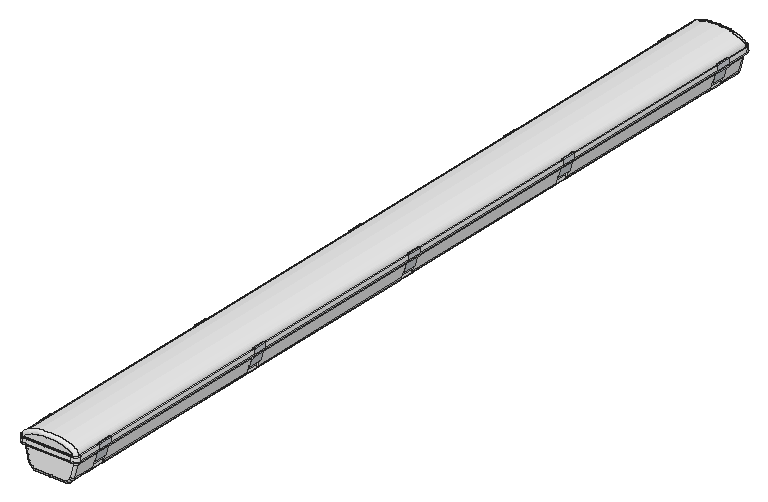
Revit family "0048757", category Lighting Fixtures, host Face, Revit 2017
Family settings
  Host = Face
  Round Connector Dimension = Use Diameter
  Part Type = Normal
  OmniClass Number = 23.80.70.11.14
  OmniClass Title = General Luminaries, Directional
  Cut with Voids When Loaded = Yes
  Light Source = Yes
  Shared = No
  Room Calculation Point = No
Parameters (values of type "0048757 SYLPROOF SUPERIA LED G3 1500mm T 4K QC SSH01")
  Width = 110 mm
  Weight = "2.46 kg"
  Wattage Comments = "n/a"
  Wattage = 49 W
  WarrantyStartDate [instance] = "n/a"
  WarrantyGuarantorParts = "n/a"
  WarrantyDurationUnit = "n/a"
  WarrantyDurationParts = "n/a"
  WarrantyDescription = "n/a"
  built-in parameter 1150110 = 1 (stored number, unit not read)
  Voltage = 230 V
  URL = "http://www.sylvania-lighting.com"
  TypeName = "SYLPROOF SUPERIA LED G3 1500mm T 4K QC SSH01"
  Type Image = <None>
  Type Comments = "n/a"
  built-in parameter 1114217 = 1 (stored number, unit not read)
  Tilt Angle = -90.00°
  built-in parameter 1150109 = 1 (stored number, unit not read)
  built-in parameter 1150134 = 12
  built-in parameter 1150113 = 1 (stored number, unit not read)
  SerialNumber [instance] = "n/a"
  ReflectorMaterial = none
  PowerFactor = 0
  PowerConsumption = "49 W"
  Photometric Web File = "0048757.ies"
  NominalWidth = 0 mm
  NominalLength = 1578 mm
  NominalHeight = 78 mm
  Name = "SYLPROOF SUPERIA LED G3 1500mm T 4K QC SSH01"
  ModelReference = "SYLPROOF SUPERIA LED G3 1500mm T 4K QC SSH01"
  ModelNumber = "0048757"
  Model = "SYLPROOF SUPERIA LED G3 1500mm T 4K QC SSH01"
  Material = "polycarbonate housing, polycarbonate diffuser"
  ManufacturerName = "Feilo Sylvania"
  Manufacturer = "Feilo Sylvania"
  LuminousEfficacy = "138 lm/W"
  built-in parameter 1150105 = 538.1 (stored number, unit not read)
  Lumens = 6762 lm
  LuminaireType = "Weatherproof"
  built-in parameter 1150115 = 1 (stored number, unit not read)
  LightOutputRatio = "n/a"
  built-in parameter 1150137 = (empty or 0)
  built-in parameter 1150139 = (empty or 0)
  Length = 1572 mm
  LampsType = Lamp  # "LED"
  LampNominalLuminous = "6800 lm"
  LampMacAdamStep = "3"
  LampColourTemperature = "4000 K"
  LampColourRenderingIndex = "80"
  built-in parameter 1150112 = 1 (stored number, unit not read)
  built-in parameter 1150114 = 1 (stored number, unit not read)
  Lamp = "LED"
  Keynote = "16500"
  InstallationDate [instance] = "n/a"
  InputVoltage = "220-240V~"
  InputNominalFrequency = "50/60 Hz"
  built-in parameter 1150132 = (empty or 0)
  built-in parameter 1150102 = (empty or 0)
  built-in parameter 1150107 = 4000 (stored number, unit not read)
  built-in parameter 1150138 = (empty or 0)
  IngressProtection = "IP65"
  ImpactProtectionIndex = "IK08"
  built-in parameter 1150106 = 5.381 (stored number, unit not read)
  IfcExportType = "IfcLightFixtureType"
  IfcExportAs = "IfcLightFixtureType"
  ExpectedLife = 50000
  Emit from Rectangle Width = Width - 20 mm  # 90 mm
  Emit from Rectangle Length = Length - 20 mm  # 1552 mm
  Emit Shape Visible in Rendering = no
  ElectricShockClassification = "Class I"
  built-in parameter 1150104 = 12.821 (stored number, unit not read)
  DurationUnit = "hours"
  DocumentationLiterature = "http://www.sylvania-lighting.com/product/en-int/products/0048757"
  DimmingControlOptions = "Non dimmable"
  Dimming Lamp Color Temperature Shift = <None>
  DiffuserMaterial = Diffuser-Sylvania-Transparent
  Description = ""
  Default Elevation = 1219.2 mm
  CreatedOn = "11/9/2017"
  CreatedBy = ""
  Cost = 0
  Color Filter = 16777215
  built-in parameter 1114216 [instance] = (empty or 0)
  ClassificationValue = "EF_70_80"
  ClassificationName = "Uniclass2015"
  BodyMaterial = Body-Sylvania-Gray
  BarCode [instance] = "n/a"
  built-in parameter 1114218 = 1 (stored number, unit not read)
  built-in parameter 1150133 = 10 (stored number, unit not read)
  AssetType = "Fixed"
  AssetIdentifier [instance] = "n/a"
  Assembly Code = "D5020200"
  Apparent Load = 49 VA
  AccessoryMaterial = Diffuser-Sylvania-Glow
Reference planes
  plane 1 "Center (Front/Back)": y = 0
  plane 2: z = 0
  plane 3 "Center (Left/Right)": x = 0
  plane 4: z = 54
  plane 5: x = -27.7
  plane 6: x = -34.8
  plane 7: x = -39.6
  plane 8: x = -42.2
  plane 9: z = 3
  plane 10: z = 7.8
  plane 11: z = 12.3
  plane 12: z = 36.6
  plane 13: z = 42.8
  plane 14: x = -51.1
  plane 15: z = 46.2
  plane 16: x = -55
  plane 17: y = 786
  plane 18: y = -786
  plane 19: x = 27.7
  plane 20: x = 34.8
  plane 21: x = 39.6
  plane 22: x = 42.2
  plane 23: x = 51.1
  plane 24: x = 55
  plane 25: y = 778.4
  plane 26: y = -778.4
  plane 27: y = -774.7
  plane 28: y = 774.7
  plane 29: z = 74
  plane 30: x = -51.5
  plane 31: x = 51.5
  plane 32: z = 55.2
  plane 33: y = -782.5
  plane 34: y = 782.5
  plane 35: x = -37.5
  plane 36: x = 37.5
  plane 37: x = -48.7
  plane 38: x = 48.7
  plane 39: x = 18
  plane 40: x = -18
  plane 41: z = 50.2
  plane 42: z = 24.6
  plane 43: y = 720
  plane 44: y = 706
  plane 45: y = 734
  plane 46: y = -720
  plane 47: y = 720
  plane 48: y = 706
  plane 49: y = 734
  plane 50: y = -720
  plane 51: y = -734
  plane 52: y = -706
  plane 53: y = 360
  plane 54: y = 346
  plane 55: y = 374
  plane 56: y = 0
  plane 57: y = -14
  plane 58: y = 14
  plane 59: y = -360
  plane 60: y = -374
  plane 61: y = -346
Forms (mm)
  Sweep 1, solid, material "Body-Sylvania-Gray" <- "BodyMaterial", detail levels medium+fine
    path origin (1223.4, -4572, 54) x (0, -1, 0) y (1, 0, 0)
      loop
        arc (-3796, -1278.4) -> (-3788.929, -1275.471) -> (-3786, -1268.4) r 10
        line (-3786, -1268.4) -> (-3786, -1178.4)
        arc (-3786, -1178.4) -> (-3788.929, -1171.329) -> (-3796, -1168.4) r 10
        line (-3796, -1168.4) -> (-5348, -1168.4)
        arc (-5348, -1168.4) -> (-5355.071, -1171.329) -> (-5358, -1178.4) r 10
        line (-5358, -1178.4) -> (-5358, -1268.4)
        arc (-5358, -1268.4) -> (-5355.071, -1275.471) -> (-5348, -1278.4) r 10
        line (-5348, -1278.4) -> (-3796, -1278.4)
    profile origin (-55, 0, 54) x (-1, 0, 0) y (0, 0, 1)
      loop
        line (0, 0) -> (-1, 0) -> (-1, -7.726)
        arc (-1, -7.726) -> (-1.994, -9.498) -> (-3.9, -10.2) r 2.937
        line (-3.9, -10.2) -> (-8.571, -10.2) -> (-8.571, -11.2) -> (-3.9, -11.2)
        arc (-3.9, -11.2) -> (-1.313, -10.231) -> (0, -7.8) r 3.937
        line (0, -7.8) -> (0, 0)
  Sweep 2, solid, material "Body-Sylvania-Gray" <- "BodyMaterial", detail levels medium+fine
    path origin (0, 0, 0) x (1, 0, 0) y (0, 0, 1)
      loop
        line (48.7, 42.8) -> (48.7, 36.6) -> (42.203, 12.31)
        arc (42.203, 12.31) -> (41.199, 9.884) -> (39.6, 7.8) r 10.052
        line (39.6, 7.8) -> (34.8, 3)
        arc (34.8, 3) -> (31.554, 0.781) -> (27.7, 0) r 9.902
        line (27.7, 0) -> (0, 0) -> (-27.7, 0)
        arc (-27.7, 0) -> (-31.554, 0.781) -> (-34.8, 3) r 9.902
        line (-34.8, 3) -> (-39.6, 7.8)
        arc (-39.6, 7.8) -> (-41.199, 9.884) -> (-42.203, 12.31) r 10.052
        line (-42.203, 12.31) -> (-48.7, 36.6) -> (-48.7, 42.8)
    profile origin (0, 0, 0) x (0, 0, -1) y (0, -1, 0)
      loop
        arc (0, 773.4) -> (-1.464, 776.936) -> (-5, 778.4) r 5
        line (-5, 778.4) -> (-7.8, 778.4) -> (-7.8, -778.4) -> (-5, -778.4)
        arc (-5, -778.4) -> (-1.464, -776.936) -> (0, -773.4) r 5
        line (0, -773.4) -> (0, 773.4)
  Extrusion 3, solid, material "Body-Sylvania-Gray" <- "BodyMaterial", detail levels medium+fine
    sketch origin (1524, 778.4, 1219.2) x (1, 0, 0) y (0, 0, 1)
      loop
        arc (-1558.668, -1204.874) -> (-1558.443, -1205.418) -> (-1558.085, -1205.885) r 2.252
        line (-1558.085, -1205.885) -> (-1553.231, -1210.738)
        arc (-1553.231, -1210.738) -> (-1552.534, -1211.227) -> (-1551.7, -1211.4) r 2.102
        line (-1551.7, -1211.4) -> (-1496.3, -1211.4)
        arc (-1496.3, -1211.4) -> (-1495.466, -1211.227) -> (-1494.769, -1210.738) r 2.102
        line (-1494.769, -1210.738) -> (-1489.915, -1205.885)
        arc (-1489.915, -1205.885) -> (-1489.557, -1205.418) -> (-1489.332, -1204.874) r 2.252
        line (-1489.332, -1204.874) -> (-1483.1, -1181.575) -> (-1483.1, -1176.4) -> (-1564.9, -1176.4) -> (-1564.9, -1181.575) -> (-1558.668, -1204.874)
    from 0 to 1556.8
  Sweep 4, solid, material "Diffuser-Sylvania-Transparent" <- "DiffuserMaterial", detail levels medium+fine
    path origin (0, 0, 0) x (1, 0, 0) y (0, 0, 1)
      loop
        spline (-51.5, 55.2) -> (-49.745, 60.066) -> (-44.6, 64.6) -> (-36.416, 68.494) -> (-25.75, 71.481) -> (-13.329, 73.359) -> (0, 74) -> (13.329, 73.359) -> (25.75, 71.481) -> (36.416, 68.494) -> (44.6, 64.6) -> (49.745, 60.066) -> (51.5, 55.2)
    profile origin (51.5, 0, 55.2) x (0, -1, 0) y (1, 0, 0)
      loop
        arc (782.5, -5.5) -> (780.889, -1.611) -> (777, 0) r 5.5
        line (777, 0) -> (-777, 0)
        arc (-777, 0) -> (-780.889, -1.611) -> (-782.5, -5.5) r 5.5
        line (-782.5, -5.5) -> (-782.5, -6.3) -> (-781.5, -6.3) -> (-781.5, -5.5)
        arc (-781.5, -5.5) -> (-780.182, -2.318) -> (-777, -1) r 4.5
        line (-777, -1) -> (777, -1)
        arc (777, -1) -> (780.182, -2.318) -> (781.5, -5.5) r 4.5
        line (781.5, -5.5) -> (781.5, -6.347) -> (782.5, -6.347) -> (782.5, -5.5)
  Extrusion 5, solid, material "Diffuser-Sylvania-Transparent" <- "DiffuserMaterial", detail levels medium+fine
    sketch origin (1524, -782.5, 1219.2) x (1, 0, 0) y (0, 0, 1)
      loop
        line (-1569.653, -1164) -> (-1478.347, -1164)
        spline (-1478.347, -1164) -> (-1478.969, -1162.594) -> (-1482.527, -1159.545) -> (-1489.588, -1156.201) -> (-1499.458, -1153.445) -> (-1511.242, -1151.663) -> (-1524, -1151.049) -> (-1536.758, -1151.663) -> (-1548.542, -1153.445) -> (-1558.412, -1156.201) -> (-1565.473, -1159.545) -> (-1569.031, -1162.594) -> (-1569.653, -1164)
    from 0 to -1
  Extrusion 6, solid, material "Diffuser-Sylvania-Transparent" <- "DiffuserMaterial", detail levels medium+fine
    sketch origin (1524, 782.5, 1219.2) x (1, 0, 0) y (0, 0, 1)
      loop
        spline (-1478.3, -1164) -> (-1478.931, -1162.565) -> (-1482.502, -1159.505) -> (-1489.572, -1156.155) -> (-1499.446, -1153.394) -> (-1511.236, -1151.614) -> (-1524, -1151.007) -> (-1536.764, -1151.614) -> (-1548.554, -1153.394) -> (-1558.428, -1156.155) -> (-1565.498, -1159.505) -> (-1569.069, -1162.565) -> (-1569.7, -1164)
        line (-1569.7, -1164) -> (-1478.3, -1164)
    from 0 to 1
  Extrusion 7, solid, material "Diffuser-Sylvania-Transparent" <- "DiffuserMaterial", detail levels medium+fine
    sketch origin (1223.4, -4572, 55.2) x (0, -1, 0) y (-1, 0, 0)
      loop
        arc (-5353.5, 1177.4) -> (-5352.182, 1174.218) -> (-5349, 1172.9) r 4.5
        line (-5349, 1172.9) -> (-3795, 1172.9)
        arc (-3795, 1172.9) -> (-3791.818, 1174.218) -> (-3790.5, 1177.4) r 4.5
        line (-3790.5, 1177.4) -> (-3790.5, 1269.4)
        arc (-3790.5, 1269.4) -> (-3791.818, 1272.582) -> (-3795, 1273.9) r 4.5
        line (-3795, 1273.9) -> (-5349, 1273.9)
        arc (-5349, 1273.9) -> (-5352.182, 1272.582) -> (-5353.5, 1269.4) r 4.5
        line (-5353.5, 1269.4) -> (-5353.5, 1177.4)
      loop
        line (-5358, 1268.4) -> (-5358, 1178.4)
        arc (-5358, 1178.4) -> (-5355.071, 1171.329) -> (-5348, 1168.4) r 10
        line (-5348, 1168.4) -> (-3796, 1168.4)
        arc (-3796, 1168.4) -> (-3788.929, 1171.329) -> (-3786, 1178.4) r 10
        line (-3786, 1178.4) -> (-3786, 1268.4)
        arc (-3786, 1268.4) -> (-3788.929, 1275.471) -> (-3796, 1278.4) r 10
        line (-3796, 1278.4) -> (-5348, 1278.4)
        arc (-5348, 1278.4) -> (-5355.071, 1275.471) -> (-5358, 1268.4) r 10
    from 0 to 1.2
  Extrusion 8, solid, material "Diffuser-Sylvania-Glow" <- "AccessoryMaterial", detail levels fine
    sketch origin (0, 0, 0) x (1, 0, 0) y (0, 0, 1)
      loop
        circle (-18, 50.2) r 8
      loop
        circle (18, 50.2) r 8
    from -774.7 to 774.7
  Extrusion 9, void
    sketch origin (0, 720, 2343.807) x (0, 0, -1) y (-1, 0, 0)
      loop
        line (2340.807, -37.5) -> (2331.507, -37.5) -> (2319.207, -42.2) -> (2319.207, -48.7) -> (2340.807, -48.7) -> (2340.807, -37.5)
      loop
        line (2340.807, 37.5) -> (2340.807, 48.7) -> (2319.207, 48.7) -> (2319.207, 42.2) -> (2331.507, 37.5) -> (2340.807, 37.5)
    from -14 to 14
  Extrusion 10, solid, material "Body-Sylvania-Gray" <- "BodyMaterial", detail levels coarse
    sketch origin (0, 0, 0) x (1, 0, 0) y (0, 0, 1)
      loop
        line (55, 42.8) -> (55, 55.2) -> (-55, 55.2) -> (-55, 42.791) -> (-42.2, 0) -> (42.2, 0) -> (55, 42.8)
    from -786 to 786
  Extrusion 11, solid, material "Diffuser-Sylvania-Transparent" <- "DiffuserMaterial", detail levels coarse
    sketch origin (0, 0, 0) x (1, 0, 0) y (0, 0, 1)
      loop
        arc (51.5, 55.2) -> (0, 74) -> (-51.5, 55.2) r 79.939
        line (-51.5, 55.2) -> (51.5, 55.2)
    from 778.4 to -778.4
  Extrusion 12, void, not visible
    sketch origin (0, 720, 2343.807) x (0, 0, -1) y (-1, 0, 0)
      loop
        line (2340.807, -37.5) -> (2331.507, -37.5) -> (2319.207, -42.2) -> (2319.207, -48.7) -> (2340.807, -48.7) -> (2340.807, -37.5)
      loop
        line (2340.807, 37.5) -> (2340.807, 48.7) -> (2319.207, 48.7) -> (2319.207, 42.2) -> (2331.507, 37.5) -> (2340.807, 37.5)
    from -14 to 14
  Extrusion 13, void
    sketch origin (0, -720, 2343.807) x (0, 0, -1) y (-1, 0, 0)
      loop
        line (2340.807, -37.5) -> (2331.507, -37.5) -> (2319.207, -42.2) -> (2319.207, -48.7) -> (2340.807, -48.7) -> (2340.807, -37.5)
      loop
        line (2340.807, 37.5) -> (2340.807, 48.7) -> (2319.207, 48.7) -> (2319.207, 42.2) -> (2331.507, 37.5) -> (2340.807, 37.5)
    from -14 to 14
  Extrusion 14, void
    sketch origin (0, 360, 2343.807) x (0, 0, -1) y (-1, 0, 0)
      loop
        line (2340.807, -37.5) -> (2331.507, -37.5) -> (2319.207, -42.2) -> (2319.207, -48.7) -> (2340.807, -48.7) -> (2340.807, -37.5)
      loop
        line (2340.807, 37.5) -> (2340.807, 48.7) -> (2319.207, 48.7) -> (2319.207, 42.2) -> (2331.507, 37.5) -> (2340.807, 37.5)
    from -14 to 14
  Extrusion 15, void
    sketch origin (0, 0, 2343.807) x (0, 0, -1) y (-1, 0, 0)
      loop
        line (2340.807, -37.5) -> (2331.507, -37.5) -> (2319.207, -42.2) -> (2319.207, -48.7) -> (2340.807, -48.7) -> (2340.807, -37.5)
      loop
        line (2340.807, 37.5) -> (2340.807, 48.7) -> (2319.207, 48.7) -> (2319.207, 42.2) -> (2331.507, 37.5) -> (2340.807, 37.5)
    from -14 to 14
  Extrusion 16, void
    sketch origin (0, -360, 2343.807) x (0, 0, -1) y (-1, 0, 0)
      loop
        line (2340.807, -37.5) -> (2331.507, -37.5) -> (2319.207, -42.2) -> (2319.207, -48.7) -> (2340.807, -48.7) -> (2340.807, -37.5)
      loop
        line (2340.807, 37.5) -> (2340.807, 48.7) -> (2319.207, 48.7) -> (2319.207, 42.2) -> (2331.507, 37.5) -> (2340.807, 37.5)
    from -14 to 14
Cuts and joins
  Extrusion 9, Extrusion 13, Extrusion 14, Extrusion 15, Extrusion 16 cuts Sweep 2
  Extrusion 13, Extrusion 14, Extrusion 15, Extrusion 16 cuts Extrusion 3
  joined: Sweep 2, Extrusion 3
  joined: Sweep 4, Extrusion 5, Extrusion 6
Dimensions and locks
  locked: plane 4 to plane 2 at 54
  plane 5 to plane 6 to plane 7 to plane 8 to plane 14 to plane 16 = 7.1 mm locked, 4.8 mm locked, 2.6 mm locked, 8.9 mm, 3.9 mm
  plane 4 to plane 15 to plane 13 to plane 12 to plane 11 to plane 10 to plane 9 = 7.8 mm locked, 3.4 mm, 6.2 mm locked, 24.3 mm locked, 4.5 mm locked, 4.8 mm locked
  equal spacing: plane 18, plane 1 "Center (Front/Back)", plane 17
  "Length": plane 18 to plane 17
  plane 19 to plane 20 to plane 21 to plane 22 to plane 23 to plane 24 = 7.1 mm locked, 4.8 mm locked, 2.6 mm locked, 8.9 mm, 3.9 mm
  equal spacing: plane 24, plane 3 "Center (Left/Right)", plane 16
  "Width": plane 24 to plane 16
  equal spacing: plane 27, plane 1 "Center (Front/Back)", plane 28
  locked: plane 26 to plane 27 at 3.7
  locked: Sweep 1 sketch curve to profile plane at 1
  locked: Sweep 1 sketch curve to plane 13 at 1
  locked: Sweep 1 sketch curve to plane 13 at 3.937  (x2)
  locked: Sweep 1 sketch curve to profile plane at 3.9  (x2)
  locked: plane 29 to plane 4 at 20
  equal spacing: plane 31, plane 3 "Center (Left/Right)", plane 30
  locked: plane 30 to plane 16 at 3.5
  locked: plane 32 to plane 4 at 1.2
  equal spacing: plane 33, plane 1 "Center (Front/Back)", plane 34
  equal spacing: plane 36, plane 3 "Center (Left/Right)", plane 35
  locked: plane 3 "Center (Left/Right)" to plane 35 at 37.5
  locked: plane 34 to plane 17 at 3.5
  equal spacing: plane 38, plane 3 "Center (Left/Right)", plane 37
  locked: plane 37 to plane 16 at 6.3
  equal spacing: plane 25, plane 1 "Center (Front/Back)", plane 26
  locked: plane 17 to plane 25 at 7.6
  locked: Sweep 2 sketch curve to plane 2 at 5  (x2)
  locked: Sweep 2 sketch curve to plane 26 at 5
  locked: plane 25 to Sweep 2 sketch curve at 5
  locked: Sweep 4 sketch curve to plane 31 at 5.5  (x2)
  locked: Sweep 4 sketch curve to plane 34 at 5.5
  plane 33 to Sweep 4 sketch curve = 5.5 mm
  locked: plane 34 to Sweep 4 sketch curve at 1
  locked: Sweep 4 sketch curve to plane 31 at 1
  locked: Sweep 4 sketch curve to Sweep 4 sketch curve at 1
  locked: Sweep 4 sketch curve to plane 31 at 6.347
  locked: Sweep 4 sketch curve to plane 31 at 6.3
  equal spacing: plane 39, plane 3 "Center (Left/Right)", plane 40
  locked: plane 3 "Center (Left/Right)" to plane 40 at 18
  locked: plane 42 to plane 2 at 24.6
  plane 45 to plane 43 to plane 44 = 14 mm locked, 14 mm locked
  locked: plane 17 to plane 43 at 66
  equal spacing: plane 43, plane 1 "Center (Front/Back)", plane 46
  plane 49 to plane 47 to plane 48 = 14 mm locked, 14 mm locked
  plane 52 to plane 50 to plane 51 = 14 mm locked, 14 mm locked  (x2)
  equal spacing: group 1, group 6, group 7, group 8, group 5  (x2)
  equal spacing: group 5, group 8, group 7, group 6, group 1
  plane 55 to plane 53 to plane 54 = 14 mm locked, 14 mm locked  (x2)
  plane 58 to plane 56 to plane 57 = 14 mm locked, 14 mm locked  (x2)
  plane 61 to plane 59 to plane 60 = 14 mm locked, 14 mm locked  (x2)
  plane 43 to plane 53 to plane 1 "Center (Front/Back)" to plane 59 to plane 50 = 360 mm locked, 360 mm locked, 360 mm locked, 360 mm locked
  aligned and locked: plane 2 to host face
  aligned and locked: level to host face
  aligned and locked: plane 16 to Sweep 1 sketch curve
  aligned and locked: Sweep 1 sketch curve to plane 24
  aligned and locked: plane 18 to Sweep 1 sketch curve
  aligned and locked: Sweep 1 sketch curve to plane 13
  aligned and locked: profile plane to Sweep 1 sketch curve
  aligned and locked: plane 3 "Center (Left/Right)" to Sweep 2 sketch curve
  aligned and locked: plane 9 to Sweep 2 sketch curve
  aligned and locked: plane 10 to Sweep 2 sketch curve
  aligned and locked: plane 37 to Sweep 2 sketch curve
  aligned and locked: plane 12 to Sweep 2 sketch curve
  aligned and locked: Sweep 2 sketch curve to level
  aligned and locked: plane 21 to Sweep 2 sketch curve
  aligned and locked: plane 38 to Sweep 2 sketch curve
  aligned and locked: profile plane to Sweep 2 sketch curve
  aligned and locked: plane 25 to Sweep 2 sketch curve
  aligned and locked: Sweep 2 sketch curve to plane 10
  aligned and locked: Extrusion 3 sketch curve to Sweep 2  (x7)
  aligned and locked: Sweep 2 to Extrusion 3 sketch curve
  aligned and locked: Extrusion 3 to plane 25
  aligned and locked: plane 26 to Extrusion 3
  aligned and locked: plane 32 to Sweep 4 sketch curve
  aligned and locked: plane 33 to Sweep 4 sketch curve
  aligned and locked: Sweep 4 to Extrusion 5
  aligned and locked: plane 33 to Extrusion 5
  aligned and locked: Extrusion 5 sketch curve to Sweep 4
  aligned and locked: cut or joined group of Sweep 4, Extrusion 5, Extrusion 6 to Extrusion 6 sketch curve
  aligned and locked: Extrusion 7 sketch curve to cut or joined group of Sweep 4, Extrusion 5, Extrusion 6  (x2)
  aligned and locked: cut or joined group of Sweep 4, Extrusion 5, Extrusion 6 to Extrusion 7 sketch curve  (x2)
  aligned and locked: plane 41 to Extrusion 8 sketch curve  (x2)
  aligned and locked: plane 39 to Extrusion 8 sketch curve
  aligned and locked: plane 27 to Extrusion 8
  aligned and locked: Extrusion 8 to plane 28
  aligned and locked: Extrusion 9 to plane 42
  aligned and locked: plane 9 to Extrusion 9
  aligned and locked: plane 44 to Extrusion 9
  aligned and locked: Extrusion 9 to plane 45
  aligned and locked: Extrusion 7 sketch curve to Sweep 1  (x4)
  aligned and locked: plane 4 to Extrusion 7
  aligned and locked: Extrusion 7 to plane 32
  aligned and locked: nested 2 to plane 43
  aligned and locked: plane 43 to nested 1
  aligned and locked: Extrusion 10 sketch curve to plane 24
  aligned and locked: Extrusion 10 sketch curve to Extrusion 7
  aligned and locked: plane 8 to Extrusion 10 sketch curve
  aligned and locked: plane 22 to Extrusion 10 sketch curve
  aligned and locked: level to Extrusion 10 sketch curve
  aligned and locked: Extrusion 10 to plane 17
  aligned and locked: plane 18 to Extrusion 10
  aligned and locked: cut or joined group of Sweep 4, Extrusion 5, Extrusion 6 to Extrusion 11 sketch curve
  aligned and locked: Extrusion 11 sketch curve to cut or joined group of Sweep 4, Extrusion 5, Extrusion 6  (x2)
  aligned and locked: plane 31 to Extrusion 11 sketch curve
  aligned and locked: plane 30 to Extrusion 11 sketch curve
  aligned and locked: plane 26 to Extrusion 11
  aligned and locked: Extrusion 11 to plane 25
  aligned and locked: imposter light to plane 29
  aligned and locked: plane 3 "Center (Left/Right)" to imposter light
  aligned and locked: plane 1 "Center (Front/Back)" to imposter light
  aligned and locked: plane 51 to Extrusion 13
  aligned and locked: Extrusion 13 to plane 52
  aligned and locked: plane 54 to Extrusion 14
  aligned and locked: Extrusion 14 to plane 55
  aligned and locked: plane 57 to Extrusion 15
  aligned and locked: Extrusion 15 to plane 58
  aligned and locked: plane 60 to Extrusion 16
  aligned and locked: Extrusion 16 to plane 61
  aligned and locked: nested 3 to plane 53
  aligned and locked: plane 53 to nested 10
  aligned and locked: nested 4 to plane 56
  aligned and locked: plane 56 to nested 9
  aligned and locked: nested 5 to plane 59
  aligned and locked: plane 59 to nested 8
  aligned and locked: nested 6 to plane 50
  aligned and locked: plane 50 to nested 7
Automatic sketch dimensions
  host sketch curve to host sketch curve = 2438.4 mm  (x2)
  plane 17 to Sweep 1 sketch curve = 0 mm
  Sweep 1 sketch curve to plane 28 = 1.3 mm
  Sweep 1 sketch curve to plane 7 = 5.4 mm
  plane 27 to Sweep 1 sketch curve = 1.3 mm  (x2)
  Sweep 1 sketch curve to Sweep 1 sketch curve = 4.671 mm
  Sweep 1 sketch curve to plane 4 = 0 mm
  Sweep 2 sketch curve to plane 7 = 0 mm
  Sweep 2 sketch curve to plane 6 = 0 mm
  Sweep 2 sketch curve to plane 5 = 0 mm
  plane 19 to Sweep 2 sketch curve = 0 mm
  Sweep 2 sketch curve to plane 9 = 0 mm
  plane 20 to Sweep 2 sketch curve = 0 mm
  Sweep 2 sketch curve to plane 12 = 0 mm
  Sweep 2 sketch curve to plane 10 = 0 mm
  Sweep 2 sketch curve to plane 13 = 0 mm  (x2)
  Sweep 2 sketch curve to plane 8 = 0.003 mm
  plane 6 to Sweep 2 sketch curve = 2.308 mm
  plane 20 to Sweep 2 sketch curve = 2.308 mm
  Sweep 2 sketch curve to plane 22 = 0.003 mm
  Sweep 2 sketch curve to plane 11 = 0.01 mm  (x2)
  Extrusion 3 sketch curve to plane 5 = 0 mm
  plane 19 to Extrusion 3 sketch curve = 0 mm
  plane 6 to Extrusion 3 sketch curve = 0.132 mm
  plane 6 to Extrusion 3 sketch curve = 0.715 mm
  Extrusion 3 sketch curve to Extrusion 3 sketch curve = 1.592 mm
  Extrusion 3 sketch curve to plane 10 = 0.662 mm  (x2)
  plane 20 to Extrusion 3 sketch curve = 2.308 mm
  plane 20 to Extrusion 3 sketch curve = 0.715 mm
  plane 20 to Extrusion 3 sketch curve = 0.132 mm
  Sweep 4 sketch curve to plane 30 = 0 mm
  Sweep 4 sketch curve to plane 3 "Center (Left/Right)" = 0 mm
  Sweep 4 sketch curve to Sweep 4 sketch curve = 0 mm  (x2)
  plane 37 to Extrusion 5 sketch curve = 3.047 mm
  Extrusion 5 sketch curve to plane 38 = 3.047 mm
  plane 37 to Extrusion 6 sketch curve = 3 mm
  Extrusion 6 sketch curve to plane 38 = 3 mm
  plane 25 to Extrusion 7 sketch curve = 1.4 mm  (x2)
  Extrusion 7 sketch curve to plane 26 = 1.4 mm  (x2)
  Extrusion 8 sketch curve to plane 40 = 0 mm
  Extrusion 9 sketch curve to Extrusion 9 sketch curve = 0 mm
  Extrusion 9 sketch curve to Extrusion 9 sketch curve = 12.3 mm  (x2)
  Extrusion 9 sketch curve to Extrusion 9 sketch curve = 9.3 mm  (x2)
  Extrusion 9 sketch curve to Extrusion 9 sketch curve = 6.5 mm
  Extrusion 9 sketch curve to Extrusion 9 sketch curve = 4.7 mm  (x2)
  Extrusion 9 sketch curve to Extrusion 9 sketch curve = 75 mm
  Extrusion 9 sketch curve to Extrusion 9 sketch curve = 11.2 mm
  Extrusion 10 sketch curve to plane 13 = 0 mm
  plane 13 to Extrusion 10 sketch curve = 0.009 mm
  Extrusion 11 sketch curve to level = 5.939 mm
  Extrusion 10 sketch curve to plane 16 = 0 mm
  Extrusion 12 sketch curve to Extrusion 12 sketch curve = 0 mm
  Extrusion 12 sketch curve to Extrusion 12 sketch curve = 12.3 mm  (x2)
  Extrusion 12 sketch curve to Extrusion 12 sketch curve = 9.3 mm  (x2)
  Extrusion 12 sketch curve to Extrusion 12 sketch curve = 6.5 mm
  Extrusion 12 sketch curve to Extrusion 12 sketch curve = 4.7 mm  (x2)
  Extrusion 12 sketch curve to Extrusion 12 sketch curve = 75 mm
  Extrusion 12 sketch curve to Extrusion 12 sketch curve = 11.2 mm
  Extrusion 13 sketch curve to Extrusion 13 sketch curve = 0 mm
  Extrusion 13 sketch curve to Extrusion 13 sketch curve = 12.3 mm  (x2)
  Extrusion 13 sketch curve to Extrusion 13 sketch curve = 9.3 mm  (x2)
  Extrusion 13 sketch curve to Extrusion 13 sketch curve = 6.5 mm
  Extrusion 13 sketch curve to Extrusion 13 sketch curve = 4.7 mm  (x2)
  Extrusion 13 sketch curve to Extrusion 13 sketch curve = 75 mm
  Extrusion 13 sketch curve to Extrusion 13 sketch curve = 11.2 mm
  Extrusion 14 sketch curve to Extrusion 14 sketch curve = 0 mm
  Extrusion 14 sketch curve to Extrusion 14 sketch curve = 12.3 mm  (x2)
  Extrusion 14 sketch curve to Extrusion 14 sketch curve = 9.3 mm  (x2)
  Extrusion 14 sketch curve to Extrusion 14 sketch curve = 6.5 mm
  Extrusion 14 sketch curve to Extrusion 14 sketch curve = 4.7 mm  (x2)
  Extrusion 14 sketch curve to Extrusion 14 sketch curve = 75 mm
  Extrusion 14 sketch curve to Extrusion 14 sketch curve = 11.2 mm
  Extrusion 15 sketch curve to Extrusion 15 sketch curve = 0 mm
  Extrusion 15 sketch curve to Extrusion 15 sketch curve = 12.3 mm  (x2)
  Extrusion 15 sketch curve to Extrusion 15 sketch curve = 9.3 mm  (x2)
  Extrusion 15 sketch curve to Extrusion 15 sketch curve = 6.5 mm
  Extrusion 15 sketch curve to Extrusion 15 sketch curve = 4.7 mm  (x2)
  Extrusion 15 sketch curve to Extrusion 15 sketch curve = 75 mm
  Extrusion 15 sketch curve to Extrusion 15 sketch curve = 11.2 mm
  Extrusion 16 sketch curve to Extrusion 16 sketch curve = 0 mm
  Extrusion 16 sketch curve to Extrusion 16 sketch curve = 12.3 mm  (x2)
  Extrusion 16 sketch curve to Extrusion 16 sketch curve = 9.3 mm  (x2)
  Extrusion 16 sketch curve to Extrusion 16 sketch curve = 6.5 mm
  Extrusion 16 sketch curve to Extrusion 16 sketch curve = 4.7 mm  (x2)
  Extrusion 16 sketch curve to Extrusion 16 sketch curve = 75 mm
  Extrusion 16 sketch curve to Extrusion 16 sketch curve = 11.2 mm
  radius of Extrusion 8 sketch curve = 8 mm  (x2)
Nested families
  nested 1: "Clip" at (42.2, 720, 24.6), type "Clip", detail levels fine
  nested 2: "Clip" at (-42.2, 720, 24.6) x (-1, 0, 0) z (0, 0, 1), type "Clip", detail levels fine
  nested 3: "Clip" at (-42.2, 360, 24.6) x (-1, 0, 0) z (0, 0, 1), type "Clip", detail levels fine
  nested 4: "Clip" at (-42.2, 0, 24.6) x (-1, 0, 0) z (0, 0, 1), type "Clip", detail levels fine
  nested 5: "Clip" at (-42.2, -360, 24.6) x (-1, 0, 0) z (0, 0, 1), type "Clip", detail levels fine
  nested 6: "Clip" at (-42.2, -720, 24.6) x (-1, 0, 0) z (0, 0, 1), type "Clip", detail levels fine
  nested 7: "Clip" at (42.2, -720, 24.6), type "Clip", detail levels fine
  nested 8: "Clip" at (42.2, -360, 24.6), type "Clip", detail levels fine
  nested 9: "Clip" at (42.2, 0, 24.6), type "Clip", detail levels fine
  nested 10: "Clip" at (42.2, 360, 24.6), type "Clip", detail levels fine
Connectors
  electrical at (0, 0, 0), driven by "Apparent Load"
    settings: index 1, voltage 230 V, apparent load 49 VA, apparent load phase1 0 VA, apparent load phase2 0 VA, apparent load phase3 0 VA, power factor 0, load classification "Lighting", number of poles 1, system type 30, power factor state 1, is connector primary yes, connector utility no, sub classification motor no, connector description ""
Definition of nested family "Clip"
  Parameters (values of type "Clip")
    URL = "http://www.feilosylvania.com"
    Type Comments = "n/a"
    Model = "n/a"
    Manufacturer = "Feilo Sylvania"
    Keynote = "n/a"
    Description = "n/a"
    Default Elevation = 1219.2 mm
    Cost = 0
    BodyMaterial = none
    Assembly Code = "n/a"
  Reference planes
    plane 1 "Center (Front/Back)": y = 0
    plane 2: z = 0
    plane 3 "Center (Left/Right)": x = 0
    plane 4: x = 3.3
    plane 5: x = 6.5
    plane 6: x = 8.9
    plane 7: x = 12.8
    plane 8: z = 12
    plane 9: z = 18.2
    plane 10: z = 21.6
    plane 11: z = 30.6
    plane 12: x = 9.3
    plane 13: z = 19.2
    plane 14: z = 16.2
    plane 15: x = 10.1
    plane 16: y = 12
    plane 17: y = -12
  Forms (mm)
    Extrusion 1, solid
      sketch origin (-0.8, 0, 0) x (1, 0, 0) y (0, 1, 0)
        loop
          line (-1219.2, 1219.2) -> (-1219.2, -1219.2) -> (1219.2, -1219.2) -> (1219.2, 1219.2) -> (-1219.2, 1219.2)
      from 0 to -304.8
    Extrusion 2, solid
      sketch origin (0, 0, 0) x (1, 0, 0) y (0, 0, 1)
        loop
          line (8.9, 16.2) -> (4.58, 0) -> (0, 0) -> (0, -0.8) -> (5.195, -0.8) -> (9.603, 15.731) -> (13.6, 18.806) -> (13.6, 30.6)
          arc (13.6, 30.6) -> (11.45, 32.75) -> (9.3, 30.6) r 2.15
          line (9.3, 30.6) -> (10.1, 30.6)
          arc (10.1, 30.6) -> (11.45, 31.95) -> (12.8, 30.6) r 1.35
          line (12.8, 30.6) -> (12.8, 19.2) -> (8.9, 16.2)
      from -12 to 12
  Lines and regions (mm)
    reference lines
      curve 1: line (3.3, 0, 0) -> (6.5, 0, 12)
      curve 2: arc (8.9, 0, 18.2) -> (11.488, 0, 19.169) -> (12.8, 0, 21.6) r 3.934
  Dimensions and locks
    plane 7 to plane 6 to plane 5 to plane 4 to plane 3 "Center (Left/Right)" = 3.9 mm locked, 2.4 mm locked, 3.2 mm locked, 3.3 mm locked
    plane 11 to plane 10 to plane 9 to plane 8 to plane 2 = 9 mm locked, 3.4 mm locked, 6.2 mm locked, 12 mm locked
    locked: plane 7 to plane 12 at 3.5
    locked: plane 13 to plane 9 at 1
    locked: plane 9 to plane 14 at 2
    locked: plane 15 to plane 12 at 0.8
    locked: plane 2 to Extrusion 2 sketch curve at 0.8
    locked: Extrusion 2 sketch curve to Extrusion 2 sketch curve at 0.8  (x3)
    locked: plane 7 to Extrusion 2 sketch curve at 1.35
    equal spacing: plane 17, plane 1 "Center (Front/Back)", plane 16
    locked: plane 1 "Center (Front/Back)" to plane 16 at 12
    aligned and locked: plane 2 to Extrusion 1
    aligned and locked: level to Extrusion 1
    aligned and locked: plane 4 to curve 1
    aligned and locked: plane 5 to curve 1
    aligned and locked: plane 6 to curve 2
    aligned and locked: plane 10 to curve 2
    aligned and locked: plane 14 to Extrusion 2 sketch curve
    aligned and locked: plane 13 to Extrusion 2 sketch curve
    aligned and locked: plane 7 to Extrusion 2 sketch curve
    aligned and locked: plane 3 "Center (Left/Right)" to Extrusion 2 sketch curve
    aligned and locked: Extrusion 2 sketch curve to level
    aligned and locked: Extrusion 2 sketch curve to plane 11
    aligned and locked: plane 11 to Extrusion 2 sketch curve
    aligned and locked: Extrusion 2 to plane 16
    aligned and locked: plane 17 to Extrusion 2
  Automatic sketch dimensions
    Extrusion 1 sketch curve to Extrusion 1 sketch curve = 2438.4 mm  (x2)
    curve 2 to plane 7 = 0 mm
    curve 1 to level = 0 mm
    curve 1 to plane 8 = 0 mm
    curve 2 to plane 9 = 0 mm
    plane 6 to curve 2 = 0.002 mm
    Extrusion 2 sketch curve to Extrusion 2 sketch curve = 0 mm
    Extrusion 2 sketch curve to plane 6 = 0 mm
    plane 4 to Extrusion 2 sketch curve = 1.28 mm
